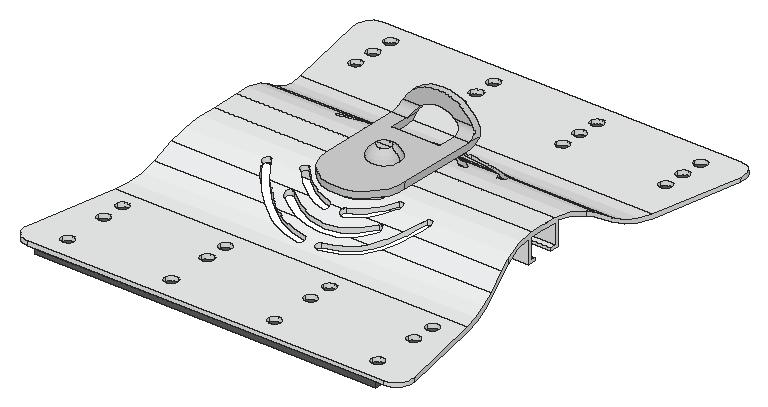
Revit family "AnchorPoint_Kattsafe_Rapid_TopMount", category Specialty Equipment, host Face, Revit 2025
Family settings
  Host = Face
  Round Connector Dimension = Use Diameter
  Part Type = Normal
  OmniClass Number = 23.27.71.21
  Enable Cutting in Views = No
  Cut with Voids When Loaded = No
  Maintain Annotation Orientation = No
  Shared = No
  Room Calculation Point = No
Parameters (values of type "Standard (AP135A)")
  WideVoidDepth = if(WideDeckMount, 32 mm, 1 mm)  # 1 mm
  WideDeckMount = no
  Uniclass2015Version = "Products v1.23"
  Uniclass2015Title = "Safety access anchor devices"
  Uniclass2015Code = "Pr_40_70_75_75"
  URL = "https://kattsafe.com.au/"
  Type IFC Predefined Type = "USERDEFINED"
  Type Comments = "Top Mount Anchor"
  StandardVoidDepth = if(StandardMount, 32 mm, 1 mm)  # 32 mm
  StandardMount = not(WideDeckMount)  # yes
  SafetyDisclaimer [instance] = "WARNING! The correct placement of access, fall protection and facade maintenance systems is critical to ensure it is fit-for-purpose and safe for the operator to use. Did you know Kattsafe® have a dedicated team of Height Safety System Design Specialists? Kattsafe® provide one-on-one consultation and system design assistance to ensure you are meeting the stringent requirements of height safety and to give you PEACE OF MIND with your project."  # constant formula
  ModifiedIssue = 20240430
  Model = "AP135A"
  Material = Aluminum_Kattsafe_Satin
  ManufacturerURLProductSpecific = "https://kattsafe.com.au/products/anchor-points/metal-deck-mount/Rapid-top-mount-anchor-ap135"
  ManufacturerSpecCode = Model  # "AP135A"
  ManufacturerOverallWidth = if(WideDeckMount, 432 mm, 250 mm)  # 250 mm
  ManufacturerOverallHeight = 48 mm  # constant formula
  ManufacturerOverallDepth = 288 mm  # constant formula
  ManufacturerHeightFromFFL [instance] = 0 mm
  Manufacturer = "Kattsafe®"  # constant formula
  IfcExportType = "USERDEFINED"
  IfcExportAs = "IfcBuildingElementProxy"
  Export Type to IFC As = "IfcBuildingElementProxy"
  ElementType = "Fall Protection"
  Description = "Our Kattsafe anchor points are specifically designed, manufactured, and tested to comply with and often exceed Australian Standards, effectively handling excessive loads and saving lives when using a harness and lanyard system."  # constant formula
  Default Elevation = 0 mm  # constant formula
  CreatedByURL = "https://igsgroup.com.au"
  CreatedBy = "IGS BIM Solutions"  # constant formula
  Assembly Code = "E1090100"
Types (2, lengths in mm): name | WideVoidDepth | WideDeckMount | Type Comments | StandardVoidDepth | StandardMount | Model | ManufacturerSpecCode | ManufacturerOverallWidth
  Standard (AP135A) | 1 | no | "Top Mount Anchor" | 32 | yes | "AP135A" | "AP135A" | 250
  Wide Deck (AP135W) | 32 | yes | "Top Mount Anchor - Wide Deck" | 1 | no | "AP135W" | "AP135W" | 432
Reference planes
  plane 1 "Center (Front/Back)": y = 8
  plane 2 "Ref. Level": z = 0
  plane 3 "Center (Left/Right)": x = 0
  plane 4 "Front": y = -136
  plane 5 "Back": y = 152
  plane 6 "Right": x = 125
  plane 7 "Left": x = -125
  plane 8 "Top": z = 51
  plane 9 "Mount Bottom": z = 3
  plane 10 "Mount_Top": z = 28
  plane 11 "FixingTop": z = 32
  plane 12 "Bottom": z = 0
  plane 13 "TapeLeftOffset": x = -110
  plane 14 "TapeRightOffset": x = 110
  plane 15 "BackTapeBottom": y = 87
  plane 16 "FrontTapeBack": y = -71
  plane 17 "StandardVoidBtm": z = 0
  plane 18 "WideVoidBtm": z = 31
Forms (mm)
  Extrusion 1, void
    sketch origin (0, 152, 55) x (1, 0, 0) y (0, -1, 0)
      loop
        arc (-114.825, 0) -> (-122.688, 3.762) -> (-124.808, 12.217) r 10.244
        line (-124.808, 12.217) -> (-105.236, 111.929)
        arc (-105.236, 111.929) -> (-102.118, 144) -> (-105.236, 176.071) r 166.503
        line (-105.236, 176.071) -> (-124.808, 275.783)
        arc (-124.808, 275.783) -> (-122.681, 284.247) -> (-114.802, 288) r 10.244
        line (-114.802, 288) -> (-130, 288) -> (-130, 0) -> (-114.825, 0)
      loop
        line (114.825, 0) -> (130, 0) -> (130, 288) -> (114.802, 288)
        arc (114.802, 288) -> (122.681, 284.247) -> (124.808, 275.783) r 10.244
        line (124.808, 275.783) -> (105.236, 176.071)
        arc (105.236, 176.071) -> (102.118, 144) -> (105.236, 111.929) r 166.503
        line (105.236, 111.929) -> (124.808, 12.217)
        arc (124.808, 12.217) -> (122.688, 3.762) -> (114.825, 0) r 10.244
    from 27 to 52
  Revolve 2, solid, material "Steel_Stainless_Kattsafe_Satin"
    sketch origin (0, 8, 0) x (1, 0, 0) y (0, 0, 1)
      loop
        line (-10, 32) -> (0, 32) -> (0, 38.5) -> (-4.546, 38.5)
        arc (-4.546, 38.5) -> (-7.902, 35.778) -> (-10, 32) r 11.375
      axis (0, 32) -> (0, 38.5)
    angle from 0 to 360
  Extrusion 3, solid, material "Aluminum_Kattsafe_Satin" <- "Material"
    sketch origin (0, 0, 0) x (0, 1, 0) y (0, 0, 1)
      loop
        line (82.371, 3) -> (152, 3) -> (152, 5.5) -> (82.371, 5.5)
        arc (82.371, 5.5) -> (69.303, 7.337) -> (57.248, 12.704) r 47.41
        line (57.248, 12.704) -> (46.03, 19.713)
        arc (46.03, 19.713) -> (32.163, 25.887) -> (17.132, 28) r 54.534
        line (17.132, 28) -> (-1.132, 28)
        arc (-1.132, 28) -> (-16.163, 25.887) -> (-30.03, 19.713) r 54.534
        line (-30.03, 19.713) -> (-41.248, 12.704)
        arc (-41.248, 12.704) -> (-53.303, 7.337) -> (-66.371, 5.5) r 47.41
        line (-66.371, 5.5) -> (-136, 5.5) -> (-136, 3) -> (-66.371, 3)
        arc (-66.371, 3) -> (-52.614, 4.933) -> (-39.923, 10.584) r 49.91
        line (-39.923, 10.584) -> (-28.706, 17.593)
        arc (-28.706, 17.593) -> (-16.848, 23.07) -> (-4, 25.421) r 52.034
        line (-4, 25.421) -> (-4, 10) -> (1.5, 10) -> (1.5, 12) -> (-2, 12) -> (-2, 25) -> (18, 25) -> (18, 12) -> (14.5, 12) -> (14.5, 10) -> (20, 10) -> (20, 25.421)
        arc (20, 25.421) -> (32.848, 23.07) -> (44.706, 17.593) r 52.034
        line (44.706, 17.593) -> (55.923, 10.584)
        arc (55.923, 10.584) -> (68.614, 4.933) -> (82.371, 3) r 49.91
    from -125 to 125
  Extrusion 4, solid, material "Steel_Stainless_Kattsafe_Satin"
    sketch origin (0, 0, 0) x (0, 1, 0) y (0, 0, 1)
      loop
        line (-32, 28) -> (45.5, 28)
        arc (45.5, 28) -> (52.571, 30.929) -> (55.5, 38) r 10
        line (55.5, 38) -> (55.5, 51) -> (51.5, 51) -> (51.5, 38)
        arc (51.5, 38) -> (49.743, 33.757) -> (45.5, 32) r 6
        line (45.5, 32) -> (-32, 32) -> (-32, 28)
    from -25 to 25
  Extrusion 5, void
    sketch origin (0, 0, 51) x (-1, 0, 0) y (0, -1, 0)
      loop
        line (25, 7) -> (30, 7) -> (30, 37) -> (-30, 37) -> (-30, 7) -> (-25, 7)
        arc (-25, 7) -> (0, 32) -> (25, 7) r 25
    from -23 to -19
  Extrusion 6, void
    sketch origin (0, 8, 0) x (-1, 0, 0) y (0, 0, 1)
      loop
        line (25, 32) -> (30, 32) -> (30, 56) -> (-30, 56) -> (-30, 32) -> (-25, 32)
        arc (-25, 32) -> (0, 51) -> (25, 32) r 25.947
    from 37.991 to 47.5
  Extrusion 7, void
    sketch origin (0, 0, 51) x (-1, 0, 0) y (0, -1, 0)
      loop
        arc (-54.135, -39.196) -> (-33.827, -60.54) -> (-5.998, -70.209) r 62.5
        arc (-5.998, -70.209) -> (-3.503, -67.939) -> (-5.516, -65.233) r 2.512
        arc (-5.516, -65.233) -> (-31.384, -56.165) -> (-50.115, -36.152) r 57.5
        arc (-50.115, -36.152) -> (-53.467, -35.901) -> (-54.135, -39.196) r 2.542
      loop
        arc (-30.168, -50.951) -> (-0.011, -60.5) -> (30.158, -50.989) r 52.5
        arc (30.158, -50.989) -> (30.746, -47.681) -> (27.453, -47.057) r 2.38
        arc (27.453, -47.057) -> (0.011, -55.786) -> (-27.431, -47.057) r 47.5
        arc (-27.431, -47.057) -> (-30.71, -47.661) -> (-30.168, -50.951) r 2.38
      loop
        arc (-28.836, -32.246) -> (-31.926, -32.288) -> (-32.535, -35.318) r 2.459
        arc (-32.535, -35.318) -> (-20.822, -45.037) -> (-6.437, -50.006) r 42.5
        arc (-6.437, -50.006) -> (-3.527, -48.316) -> (-5.236, -45.417) r 2.372
        arc (-5.236, -45.417) -> (-18.264, -41.032) -> (-28.836, -32.246) r 37.5
      loop
        arc (-16.528, -29.962) -> (-20.002, -30.711) -> (-19.233, -34.182) r 2.506
        arc (-19.233, -34.182) -> (0.107, -40.5) -> (19.41, -34.075) r 32.5
        arc (19.41, -34.075) -> (20.01, -30.689) -> (16.666, -29.892) r 2.506
        arc (16.666, -29.892) -> (0.081, -35.5) -> (-16.528, -29.962) r 27.5
      loop
        arc (54.158, -39.196) -> (53.49, -35.901) -> (50.137, -36.152) r 2.542
        arc (50.137, -36.152) -> (31.407, -56.165) -> (5.538, -65.233) r 57.5
        arc (5.538, -65.233) -> (3.525, -67.939) -> (6.02, -70.209) r 2.512
        arc (6.02, -70.209) -> (33.85, -60.54) -> (54.158, -39.196) r 62.5
      loop
        arc (28.858, -32.246) -> (18.286, -41.032) -> (5.259, -45.417) r 37.5
        arc (5.259, -45.417) -> (3.549, -48.316) -> (6.459, -50.006) r 2.372
        arc (6.459, -50.006) -> (20.844, -45.037) -> (32.557, -35.318) r 42.5
        arc (32.557, -35.318) -> (31.949, -32.288) -> (28.858, -32.246) r 2.459
      loop
        arc (-54.135, 23.196) -> (-53.467, 19.901) -> (-50.115, 20.152) r 2.542
        arc (-50.115, 20.152) -> (-31.384, 40.165) -> (-5.516, 49.233) r 57.5
        arc (-5.516, 49.233) -> (-3.503, 51.939) -> (-5.998, 54.209) r 2.512
        arc (-5.998, 54.209) -> (-33.827, 44.54) -> (-54.135, 23.196) r 62.5
      loop
        arc (-30.168, 34.951) -> (-30.71, 31.661) -> (-27.431, 31.057) r 2.38
        arc (-27.431, 31.057) -> (0.011, 39.786) -> (27.453, 31.057) r 47.5
        arc (27.453, 31.057) -> (30.746, 31.681) -> (30.158, 34.989) r 2.38
        arc (30.158, 34.989) -> (-0.011, 44.5) -> (-30.168, 34.951) r 52.5
      loop
        arc (-28.836, 16.246) -> (-18.264, 25.032) -> (-5.236, 29.417) r 37.5
        arc (-5.236, 29.417) -> (-3.527, 32.316) -> (-6.437, 34.006) r 2.372
        arc (-6.437, 34.006) -> (-20.822, 29.037) -> (-32.535, 19.318) r 42.5
        arc (-32.535, 19.318) -> (-31.926, 16.288) -> (-28.836, 16.246) r 2.459
      loop
        arc (-16.528, 13.962) -> (0.081, 19.5) -> (16.666, 13.892) r 27.5
        arc (16.666, 13.892) -> (20.01, 14.689) -> (19.41, 18.075) r 2.506
        arc (19.41, 18.075) -> (0.107, 24.5) -> (-19.233, 18.182) r 32.5
        arc (-19.233, 18.182) -> (-20.002, 14.711) -> (-16.528, 13.962) r 2.506
      loop
        arc (54.158, 23.196) -> (33.85, 44.54) -> (6.02, 54.209) r 62.5
        arc (6.02, 54.209) -> (3.525, 51.939) -> (5.538, 49.233) r 2.512
        arc (5.538, 49.233) -> (31.407, 40.165) -> (50.137, 20.152) r 57.5
        arc (50.137, 20.152) -> (53.49, 19.901) -> (54.158, 23.196) r 2.542
      loop
        arc (28.858, 16.246) -> (31.949, 16.288) -> (32.557, 19.318) r 2.459
        arc (32.557, 19.318) -> (20.844, 29.037) -> (6.459, 34.006) r 42.5
        arc (6.459, 34.006) -> (3.549, 32.316) -> (5.259, 29.417) r 2.372
        arc (5.259, 29.417) -> (18.286, 25.032) -> (28.858, 16.246) r 37.5
    from -48 to -23
  Extrusion 8, solid, material "Rubber_Kattsafe_Black", visible <- "WideDeckMount"
    sketch origin (0, 0, 51) x (-1, 0, 0) y (0, -1, 0)
      loop
        line (110, -152) -> (110, -87) -> (35, -87) -> (35, -152) -> (110, -152)
      loop
        line (-50, -152) -> (-50, -87) -> (-110, -87) -> (-110, -152) -> (-50, -152)
      loop
        line (-50, 71) -> (-50, 136) -> (-110, 136) -> (-110, 71) -> (-50, 71)
      loop
        line (110, 71) -> (110, 136) -> (35, 136) -> (35, 71) -> (110, 71)
    from -51 to -48
  Extrusion 9, solid, material "Rubber_Kattsafe_Black", visible <- "StandardMount"
    sketch origin (0, 0, 51) x (-1, 0, 0) y (0, -1, 0)
      loop
        line (110, -152) -> (110, -87) -> (-110, -87) -> (-110, -152) -> (110, -152)
      loop
        line (110, 71) -> (110, 136) -> (-110, 136) -> (-110, 71) -> (110, 71)
    from -51 to -48
  Extrusion 10, void
    sketch origin (0, 8, 0) x (1, 0, 0) y (0, 0, 1)
      loop
        arc (15.458, 32) -> (0, 42) -> (-15.458, 32) r 16.947
        line (-15.458, 32) -> (-15.458, 28) -> (15.458, 28) -> (15.458, 32)
    from -47.5 to -25.515
  Extrusion 11, void
    sketch origin (0, 0, 51) x (-1, 0, 0) y (0, -1, 0)
      loop
        circle (99.968, 78) r 4.1
      loop
        circle (99.968, 93) r 4.1
      loop
        circle (99.968, 122) r 4.1
      loop
        circle (33.419, 78) r 4.1
      loop
        circle (33.419, 93) r 4.1
      loop
        circle (33.419, 122) r 4.1
      loop
        circle (99.968, -124) r 4.1
      loop
        circle (99.968, -109.937) r 4.1
      loop
        circle (99.968, -138) r 4.1
      loop
        circle (33.419, -124) r 4.1
      loop
        circle (33.419, -109.937) r 4.1
      loop
        circle (33.419, -138) r 4.1
      loop
        circle (-100.033, 78) r 4.1
      loop
        circle (-100.033, 93) r 4.1
      loop
        circle (-100.033, 122) r 4.1
      loop
        circle (-33.483, 78) r 4.1
      loop
        circle (-33.483, 93) r 4.1
      loop
        circle (-33.483, 122) r 4.1
      loop
        circle (-100.033, -124) r 4.1
      loop
        circle (-100.033, -109.937) r 4.1
      loop
        circle (-100.033, -138) r 4.1
      loop
        circle (-33.483, -124) r 4.1
      loop
        circle (-33.483, -109.937) r 4.1
      loop
        circle (-33.483, -138) r 4.1
    from -51 to -19
  Extrusion 12, void
    sketch origin (0, 0, 51) x (-1, 0, 0) y (0, -1, 0)
      loop
        circle (94.925, 117.978) r 4.1
      loop
        circle (65.925, 117.978) r 4.1
      loop
        circle (50.925, 117.978) r 4.1
      loop
        circle (94.925, 87.978) r 4.1
      loop
        circle (65.925, 87.978) r 4.1
      loop
        circle (50.925, 87.978) r 4.1
      loop
        circle (94.925, -133.978) r 4.1
      loop
        circle (65.925, -133.978) r 4.1
      loop
        circle (50.925, -133.978) r 4.1
      loop
        circle (94.925, -103.978) r 4.1
      loop
        circle (65.925, -103.978) r 4.1
      loop
        circle (50.925, -103.978) r 4.1
      loop
        circle (-94.99, 117.978) r 4.1
      loop
        circle (-80.99, 117.978) r 4.1
      loop
        circle (-66.978, 117.978) r 4.1
      loop
        circle (-94.99, 87.978) r 4.1
      loop
        circle (-80.99, 87.978) r 4.1
      loop
        circle (-66.978, 87.978) r 4.1
      loop
        circle (-94.99, -133.978) r 4.1
      loop
        circle (-80.99, -133.978) r 4.1
      loop
        circle (-66.978, -133.978) r 4.1
      loop
        circle (-94.99, -103.978) r 4.1
      loop
        circle (-80.99, -103.978) r 4.1
      loop
        circle (-66.978, -103.978) r 4.1
    from -20 to -19
Cuts and joins
  Extrusion 1, Extrusion 7, Extrusion 11, Extrusion 12 cuts Extrusion 3
  Extrusion 5, Extrusion 6, Extrusion 10 cuts Extrusion 4
  Extrusion 11, Extrusion 12 cuts Extrusion 9
  Extrusion 11, Extrusion 12 cuts Extrusion 8
Lines and regions (mm)
  Masking region 1
    outline origin (0, 0, 51) x (-1, 0, 0) y (0, -1, 0)
      loop
        arc (114.687, -152) -> (122.645, -148.292) -> (124.808, -139.783) r 10.244
        line (124.808, -139.783) -> (105.236, -40.071)
        arc (105.236, -40.071) -> (102.118, -8) -> (105.236, 24.071) r 166.503
        line (105.236, 24.071) -> (124.808, 123.783)
        arc (124.808, 123.783) -> (122.681, 132.247) -> (114.802, 136) r 10.244
        line (114.802, 136) -> (-114.71, 136)
        arc (-114.71, 136) -> (-122.652, 132.283) -> (-124.808, 123.783) r 10.244
        line (-124.808, 123.783) -> (-105.236, 24.071)
        arc (-105.236, 24.071) -> (-102.118, -8) -> (-105.236, -40.071) r 166.503
        line (-105.236, -40.071) -> (-124.808, -139.783)
        arc (-124.808, -139.783) -> (-122.688, -148.238) -> (-114.825, -152) r 10.244
        line (-114.825, -152) -> (114.687, -152)
  symbolic lines, style "Fall Arrest Systems", visible <- "WideDeckMount", detail levels medium+fine
    curve 1: circle (-94.925, -87.978, 51) r 4.1 normal (0, 0, 1)
    curve 2: circle (-94.925, -117.978, 51) r 4.1 normal (0, 0, 1)
    curve 3: circle (-65.925, -87.978, 51) r 4.1 normal (0, 0, 1)
    curve 4: circle (-65.925, -117.978, 51) r 4.1 normal (0, 0, 1)
    curve 5: circle (-50.925, -117.978, 51) r 4.1 normal (0, 0, 1)
    curve 6: circle (-50.925, -87.978, 51) r 4.1 normal (0, 0, 1)
    curve 7: circle (66.978, -87.978, 51) r 4.1 normal (0, 0, 1)
    curve 8: circle (80.99, -87.978, 51) r 4.1 normal (0, 0, 1)
    curve 9: circle (94.99, -87.978, 51) r 4.1 normal (0, 0, 1)
    curve 10: circle (94.99, -117.978, 51) r 4.1 normal (0, 0, 1)
    curve 11: circle (80.99, -117.978, 51) r 4.1 normal (0, 0, 1)
    curve 12: circle (66.978, -117.978, 51) r 4.1 normal (0, 0, 1)
    curve 13: circle (-94.925, 103.978, 51) r 4.1 normal (0, 0, 1)
    curve 14: circle (-94.925, 133.978, 51) r 4.1 normal (0, 0, 1)
    curve 15: circle (-65.925, 133.978, 51) r 4.1 normal (0, 0, 1)
    curve 16: circle (-65.925, 103.978, 51) r 4.1 normal (0, 0, 1)
    curve 17: circle (-50.925, 133.978, 51) r 4.1 normal (0, 0, 1)
    curve 18: circle (-50.925, 103.978, 51) r 4.1 normal (0, 0, 1)
    curve 19: circle (66.978, 133.978, 51) r 4.1 normal (0, 0, 1)
    curve 20: circle (80.99, 133.978, 51) r 4.1 normal (0, 0, 1)
    curve 21: circle (94.99, 133.978, 51) r 4.1 normal (0, 0, 1)
    curve 22: circle (94.99, 103.978, 51) r 4.1 normal (0, 0, 1)
    curve 23: circle (80.99, 103.978, 51) r 4.1 normal (0, 0, 1)
    curve 24: arc (62.904, 103.512, 51) -> (71.071, 104.211, 51) -> (62.878, 103.978, 51) r 4.1
  symbolic lines, style "Fall Arrest Systems", visible <- "StandardMount", detail levels medium+fine
    curve 25: circle (-99.968, 138, 51) r 4.1 normal (0, 0, 1)
    curve 26: circle (-99.968, 124, 51) r 4.1 normal (0, 0, 1)
    curve 27: circle (-99.968, 109.937, 51) r 4.1 normal (0, 0, 1)
    curve 28: circle (-33.419, 138, 51) r 4.1 normal (0, 0, 1)
    curve 29: circle (-33.419, 124, 51) r 4.1 normal (0, 0, 1)
    curve 30: circle (-33.419, 109.937, 51) r 4.1 normal (0, 0, 1)
    curve 31: circle (33.483, 138, 51) r 4.1 normal (0, 0, 1)
    curve 32: circle (33.483, 124, 51) r 4.1 normal (0, 0, 1)
    curve 33: circle (33.483, 109.937, 51) r 4.1 normal (0, 0, 1)
    curve 34: circle (100.033, 138, 51) r 4.1 normal (0, 0, 1)
    curve 35: circle (100.033, 124, 51) r 4.1 normal (0, 0, 1)
    curve 36: circle (100.033, 109.937, 51) r 4.1 normal (0, 0, 1)
    curve 37: circle (100.033, -78, 51) r 4.1 normal (0, 0, 1)
    curve 38: circle (100.033, -93, 51) r 4.1 normal (0, 0, 1)
    curve 39: circle (100.033, -122, 51) r 4.1 normal (0, 0, 1)
    curve 40: circle (33.483, -122, 51) r 4.1 normal (0, 0, 1)
    curve 41: circle (33.483, -93, 51) r 4.1 normal (0, 0, 1)
    curve 42: circle (33.483, -78, 51) r 4.1 normal (0, 0, 1)
    curve 43: circle (-33.419, -78, 51) r 4.1 normal (0, 0, 1)
    curve 44: circle (-33.419, -93, 51) r 4.1 normal (0, 0, 1)
    curve 45: circle (-33.419, -122, 51) r 4.1 normal (0, 0, 1)
    curve 46: circle (-99.968, -122, 51) r 4.1 normal (0, 0, 1)
    curve 47: circle (-99.968, -93, 51) r 4.1 normal (0, 0, 1)
    curve 48: circle (-99.968, -78, 51) r 4.1 normal (0, 0, 1)
  symbolic lines, style "Fall Arrest Systems", detail levels medium+fine
    curve 49: line (-25, -7, 51) -> (-25, 53.504, 51)
    curve 50: line (25, 53.504, 51) -> (25, -7, 51)
    curve 51: line (-22.536, 55.5, 51) -> (22.55, 55.5, 51)
    curve 52: arc (25, -7, 51) -> (0, -32, 51) -> (-25, -7, 51) r 25
    curve 53: spline (-25, 53.504, 51) -> (-24.867, 53.82, 51) -> (-24.719, 54.111, 51) -> (-24.556, 54.377, 51) -> (-24.38, 54.616, 51) -> (-24.19, 54.827, 51) -> (-23.987, 55.011, 51) -> (-23.772, 55.166, 51) -> (-23.545, 55.292, 51) -> (-23.307, 55.389, 51) -> (-23.059, 55.456, 51) -> (-22.802, 55.493, 51) -> (-22.536, 55.5, 51)
    curve 54: spline (22.354, 55.493, 51) -> (22.657, 55.497, 51) -> (22.947, 55.47, 51) -> (23.225, 55.41, 51) -> (23.488, 55.319, 51) -> (23.737, 55.196, 51) -> (23.97, 55.042, 51) -> (24.187, 54.858, 51) -> (24.386, 54.644, 51) -> (24.568, 54.4, 51) -> (24.731, 54.129, 51) -> (24.875, 53.83, 51) -> (25, 53.504, 51)
    curve 55: circle (0, 8, 51) r 10 normal (0, 0, -1)
    curve 56: circle (0, 8, 51) r 4.546 normal (0, 0, 1)
  symbolic lines, style "Fall Arrest Systems", detail levels fine
    curve 57: arc (-6.02, 70.209, 51) -> (-33.85, 60.54, 51) -> (-54.158, 39.196, 51) r 62.5
    curve 58: arc (54.135, 39.196, 51) -> (33.827, 60.54, 51) -> (5.998, 70.209, 51) r 62.5
    curve 59: arc (5.516, 65.233, 51) -> (31.384, 56.165, 51) -> (50.115, 36.152, 51) r 57.5
    curve 60: arc (5.998, 70.209, 51) -> (3.503, 67.939, 51) -> (5.516, 65.233, 51) r 2.512
    curve 61: arc (50.115, 36.152, 51) -> (53.467, 35.901, 51) -> (54.135, 39.196, 51) r 2.542
    curve 62: arc (-5.538, 65.233, 51) -> (-3.525, 67.939, 51) -> (-6.02, 70.209, 51) r 2.512
    curve 63: arc (-54.158, 39.196, 51) -> (-53.49, 35.901, 51) -> (-50.137, 36.152, 51) r 2.542
    curve 64: arc (-50.137, 36.152, 51) -> (-31.407, 56.165, 51) -> (-5.538, 65.233, 51) r 57.5
    curve 65: arc (-5.538, -49.233, 51) -> (-31.407, -40.165, 51) -> (-50.137, -20.152, 51) r 57.5
    curve 66: arc (-54.158, -23.196, 51) -> (-33.85, -44.54, 51) -> (-6.02, -54.209, 51) r 62.5
    curve 67: arc (-50.137, -20.152, 51) -> (-53.49, -19.901, 51) -> (-54.158, -23.196, 51) r 2.542
    curve 68: arc (-6.02, -54.209, 51) -> (-3.525, -51.939, 51) -> (-5.538, -49.233, 51) r 2.512
    curve 69: arc (5.516, -49.233, 51) -> (3.503, -51.939, 51) -> (5.998, -54.209, 51) r 2.512
    curve 70: arc (50.115, -20.152, 51) -> (31.384, -40.165, 51) -> (5.516, -49.233, 51) r 57.5
    curve 71: arc (5.998, -54.209, 51) -> (33.827, -44.54, 51) -> (54.135, -23.196, 51) r 62.5
    curve 72: arc (54.135, -23.196, 51) -> (53.467, -19.901, 51) -> (50.115, -20.152, 51) r 2.542
    curve 73: arc (-30.158, -34.989, 51) -> (0.011, -44.5, 51) -> (30.168, -34.951, 51) r 52.5
    curve 74: arc (27.431, -31.057, 51) -> (-0.011, -39.786, 51) -> (-27.453, -31.057, 51) r 47.5
    curve 75: arc (30.168, -34.951, 51) -> (30.71, -31.661, 51) -> (27.431, -31.057, 51) r 2.38
    curve 76: arc (-27.453, -31.057, 51) -> (-30.746, -31.681, 51) -> (-30.151, -34.979, 51) r 2.38
    curve 77: arc (-16.008, -26.203, 51) -> (-22.979, -21.929, 51) -> (-28.858, -16.246, 51) r 37.5
    curve 78: arc (-28.858, -16.246, 51) -> (-31.949, -16.288, 51) -> (-32.557, -19.318, 51) r 2.459
    curve 79: arc (-32.557, -19.318, 51) -> (-20.844, -29.037, 51) -> (-6.459, -34.006, 51) r 42.5
    curve 80: arc (-6.459, -34.006, 51) -> (-4.417, -33.61, 51) -> (-3.472, -31.758, 51) r 2.372
    curve 81: arc (3.45, -31.761, 51) -> (4.396, -33.611, 51) -> (6.437, -34.006, 51) r 2.372
    curve 82: arc (6.437, -34.006, 51) -> (20.822, -29.037, 51) -> (32.535, -19.318, 51) r 42.5
    curve 83: arc (28.836, -16.246, 51) -> (22.979, -21.912, 51) -> (16.037, -26.179, 51) r 37.5
    curve 84: arc (32.535, -19.318, 51) -> (31.926, -16.288, 51) -> (28.836, -16.246, 51) r 2.459
    curve 85: arc (27.431, 47.057, 51) -> (30.71, 47.661, 51) -> (30.168, 50.951, 51) r 2.38
    curve 86: arc (30.168, 50.951, 51) -> (27.429, 52.751, 51) -> (24.584, 54.377, 51) r 52.5
    curve 87: arc (-27.453, 47.057, 51) -> (-26.239, 47.888, 51) -> (-25, 48.682, 51) r 47.5
    curve 88: arc (-30.151, 50.979, 51) -> (-30.746, 47.681, 51) -> (-27.453, 47.057, 51) r 2.38
    curve 89: arc (-6.459, 50.006, 51) -> (-10.928, 49.071, 51) -> (-15.27, 47.662, 51) r 42.5
    curve 90: arc (-5.259, 45.417, 51) -> (-3.549, 48.316, 51) -> (-6.459, 50.006, 51) r 2.372
    curve 91: arc (-28.858, 32.246, 51) -> (-27.003, 34.318, 51) -> (-25, 36.247, 51) r 37.5
    curve 92: arc (-32.557, 35.318, 51) -> (-31.949, 32.288, 51) -> (-28.858, 32.246, 51) r 2.459
    curve 93: arc (15.458, 36.576, 51) -> (0.003, 40.5, 51) -> (-15.458, 36.601, 51) r 32.5
    curve 94: arc (-10.28, 33.515, 51) -> (-0.022, 35.5, 51) -> (10.235, 33.515, 51) r 27.5
    curve 95: arc (5.236, 45.417, 51) -> (10.453, 44.296, 51) -> (15.458, 42.447, 51) r 37.5
    curve 96: arc (32.535, 35.318, 51) -> (28.981, 39.065, 51) -> (25, 42.353, 51) r 42.5
    curve 97: arc (6.437, 50.006, 51) -> (3.527, 48.316, 51) -> (5.236, 45.417, 51) r 2.372
    curve 98: arc (28.836, 32.246, 51) -> (31.926, 32.288, 51) -> (32.535, 35.318, 51) r 2.459
    curve 99: line (-22.486, 51.5, 51) -> (-25, 45.991, 51)
    curve 100: line (22.486, 51.5, 51) -> (-22.486, 51.5, 51)
    curve 101: line (25, 45.991, 51) -> (22.486, 51.5, 51)
    curve 102: line (-15.458, 45.5, 51) -> (-10.935, 51.5, 51)
    curve 103: line (-15.458, 33.515, 51) -> (-15.458, 45.5, 51)
    curve 104: line (15.458, 33.515, 51) -> (-15.458, 33.515, 51)
    curve 105: line (15.458, 45.5, 51) -> (15.458, 33.515, 51)
    curve 106: line (10.935, 51.5, 51) -> (15.458, 45.5, 51)
    curve 107: arc (-24.538, 54.424, 51) -> (-27.402, 52.795, 51) -> (-30.158, 50.989, 51) r 52.5
    curve 108: arc (-5.216, 55.5, 51) -> (-0.011, 55.786, 51) -> (5.194, 55.5, 51) r 47.5
    curve 109: arc (22.354, 55.493, 51) -> (-0.013, 60.5, 51) -> (-22.383, 55.5, 51) r 52.5
    curve 110: arc (25, 48.668, 51) -> (26.228, 47.881, 51) -> (27.431, 47.057, 51) r 47.5
    curve 111: arc (-25, 42.369, 51) -> (-28.994, 39.074, 51) -> (-32.557, 35.318, 51) r 42.5
    curve 112: arc (-15.458, 42.457, 51) -> (-10.464, 44.3, 51) -> (-5.259, 45.417, 51) r 37.5
    curve 113: arc (15.272, 47.653, 51) -> (10.918, 49.068, 51) -> (6.437, 50.006, 51) r 42.5
    curve 114: arc (25, 36.227, 51) -> (26.991, 34.307, 51) -> (28.836, 32.246, 51) r 37.5
Text (mm)
  text "Disclaimer:\nDue to ongoing product development and manufacturing \nevolution, product details are subject to change without \nnotice. Please refer to product technical data sheets on \nthe manufacturers website for the most current product \ninformation. Please allow a +/- 5mm manufacturing \ntolerance for dimensions and set-outs shown in product \nliterature." at (360.06, 82.963, 0), in view "Ref. Level"
Dimensions and locks
  "ManufacturerOverallWidth": plane 7 "Left" to plane 6 "Right"
  "ManufacturerOverallDepth": plane 5 "Back" to plane 4 "Front"
  equal spacing: plane 7 "Left", plane 3 "Center (Left/Right)", plane 6 "Right"
  equal spacing: plane 4 "Front", plane 1 "Center (Front/Back)", plane 5 "Back"
  "ManufacturerHeightFromFFL": plane 12 "Bottom" to level
  "ManufacturerOverallHeight": plane 9 "Mount Bottom" to plane 8 "Top"
  locked: plane 10 "Mount_Top" to plane 9 "Mount Bottom" at 25
  locked: Extrusion 1 sketch curve to plane 7 "Left" at 5
  locked: plane 7 "Left" to Extrusion 1 sketch curve at 22.882
  locked: plane 6 "Right" to Extrusion 1 sketch curve at 5
  locked: Extrusion 1 sketch curve to plane 6 "Right" at 22.882
  locked: plane 11 "FixingTop" to plane 10 "Mount_Top" at 4
  locked: plane 9 "Mount Bottom" to plane 12 "Bottom" at 3
  locked: plane 7 "Left" to plane 13 "TapeLeftOffset" at 15
  locked: plane 14 "TapeRightOffset" to plane 6 "Right" at 15
  locked: plane 15 "BackTapeBottom" to plane 5 "Back" at 65
  locked: plane 16 "FrontTapeBack" to plane 4 "Front" at 65
  locked: plane 13 "TapeLeftOffset" to Extrusion 8 sketch curve at 75
  locked: Extrusion 8 sketch curve to plane 14 "TapeRightOffset" at 60
  "StandardVoidDepth": plane 11 "FixingTop" to plane 17 "StandardVoidBtm"
  "WideVoidDepth": plane 11 "FixingTop" to plane 18 "WideVoidBtm"
  radius of Extrusion 4 sketch curve = 6 mm
  radius of Extrusion 4 sketch curve = 10 mm
  aligned and locked: host face to plane 2 "Ref. Level"
  aligned and locked: level to host face
  aligned and locked: plane 4 "Front" to Extrusion 1 sketch curve
  aligned and locked: Extrusion 1 sketch curve to plane 5 "Back"
  aligned and locked: Extrusion 1 to plane 10 "Mount_Top"
  aligned and locked: Extrusion 1 to plane 9 "Mount Bottom"
  aligned and locked: Masking region 1 sketch curve to cut or joined group of Extrusion 1, Extrusion 3, Extrusion 7, Extrusion 11, Extrusion 12  (x6)
  aligned and locked: plane 10 "Mount_Top" to Extrusion 4 sketch curve
  aligned and locked: plane 11 "FixingTop" to Extrusion 4 sketch curve
  aligned and locked: plane 8 "Top" to Extrusion 4 sketch curve
  aligned and locked: plane 10 "Mount_Top" to Extrusion 5
  aligned and locked: Extrusion 5 to plane 11 "FixingTop"
  aligned and locked: plane 11 "FixingTop" to Revolve 2 sketch curve
  aligned and locked: Revolve 2 sketch curve to plane 3 "Center (Left/Right)"  (x2)
  aligned and locked: plane 11 "FixingTop" to Extrusion 6 sketch curve  (x2)
  aligned and locked: Extrusion 6 to cut or joined group of Extrusion 4, Extrusion 5, Extrusion 6, Extrusion 10
  aligned and locked: plane 9 "Mount Bottom" to Extrusion 7
  aligned and locked: Extrusion 7 to plane 10 "Mount_Top"
  aligned and locked: Extrusion 8 to plane 5 "Back"  (x2)
  aligned and locked: plane 15 "BackTapeBottom" to Extrusion 8  (x2)
  aligned and locked: Extrusion 8 to plane 14 "TapeRightOffset"  (x2)
  aligned and locked: Extrusion 8 to plane 13 "TapeLeftOffset"  (x2)
  aligned and locked: Extrusion 8 to plane 4 "Front"  (x2)
  aligned and locked: plane 16 "FrontTapeBack" to Extrusion 8  (x2)
  aligned and locked: Extrusion 8 sketch curve to Extrusion 8 sketch curve  (x2)
  aligned and locked: plane 12 "Bottom" to Extrusion 8
  aligned and locked: Extrusion 8 to plane 9 "Mount Bottom"
  aligned and locked: plane 13 "TapeLeftOffset" to Extrusion 9 sketch curve  (x2)
  aligned and locked: plane 14 "TapeRightOffset" to Extrusion 9 sketch curve  (x2)
  aligned and locked: Extrusion 9 sketch curve to plane 16 "FrontTapeBack"
  aligned and locked: Extrusion 9 sketch curve to plane 15 "BackTapeBottom"
  aligned and locked: plane 5 "Back" to Extrusion 9 sketch curve
  aligned and locked: plane 4 "Front" to Extrusion 9 sketch curve
  aligned and locked: plane 12 "Bottom" to Extrusion 9
  aligned and locked: Extrusion 9 to plane 9 "Mount Bottom"
  aligned and locked: Extrusion 3 to plane 7 "Left"
  aligned and locked: Extrusion 3 to plane 6 "Right"
  aligned and locked: Extrusion 11 to plane 11 "FixingTop"
  aligned and locked: plane 17 "StandardVoidBtm" to Extrusion 11
  aligned and locked: plane 18 "WideVoidBtm" to Extrusion 12
  aligned and locked: Extrusion 12 to plane 11 "FixingTop"
  aligned and locked: curve 1 to cut or joined group of Extrusion 1, Extrusion 3, Extrusion 7, Extrusion 11, Extrusion 12
  aligned and locked: curve 2 to cut or joined group of Extrusion 1, Extrusion 3, Extrusion 7, Extrusion 11, Extrusion 12
  aligned and locked: curve 3 to cut or joined group of Extrusion 1, Extrusion 3, Extrusion 7, Extrusion 11, Extrusion 12
  aligned and locked: curve 4 to cut or joined group of Extrusion 1, Extrusion 3, Extrusion 7, Extrusion 11, Extrusion 12
  aligned and locked: curve 5 to cut or joined group of Extrusion 1, Extrusion 3, Extrusion 7, Extrusion 11, Extrusion 12
  aligned and locked: curve 6 to cut or joined group of Extrusion 1, Extrusion 3, Extrusion 7, Extrusion 11, Extrusion 12
  aligned and locked: curve 7 to cut or joined group of Extrusion 1, Extrusion 3, Extrusion 7, Extrusion 11, Extrusion 12
  aligned and locked: curve 8 to cut or joined group of Extrusion 1, Extrusion 3, Extrusion 7, Extrusion 11, Extrusion 12
  aligned and locked: curve 9 to cut or joined group of Extrusion 1, Extrusion 3, Extrusion 7, Extrusion 11, Extrusion 12
  aligned and locked: curve 10 to cut or joined group of Extrusion 1, Extrusion 3, Extrusion 7, Extrusion 11, Extrusion 12
  aligned and locked: curve 11 to cut or joined group of Extrusion 1, Extrusion 3, Extrusion 7, Extrusion 11, Extrusion 12
  aligned and locked: curve 12 to cut or joined group of Extrusion 1, Extrusion 3, Extrusion 7, Extrusion 11, Extrusion 12
  aligned and locked: curve 13 to cut or joined group of Extrusion 1, Extrusion 3, Extrusion 7, Extrusion 11, Extrusion 12
  aligned and locked: curve 14 to cut or joined group of Extrusion 1, Extrusion 3, Extrusion 7, Extrusion 11, Extrusion 12
  aligned and locked: curve 15 to cut or joined group of Extrusion 1, Extrusion 3, Extrusion 7, Extrusion 11, Extrusion 12
  aligned and locked: curve 16 to cut or joined group of Extrusion 1, Extrusion 3, Extrusion 7, Extrusion 11, Extrusion 12
  aligned and locked: curve 17 to cut or joined group of Extrusion 1, Extrusion 3, Extrusion 7, Extrusion 11, Extrusion 12
  aligned and locked: curve 18 to cut or joined group of Extrusion 1, Extrusion 3, Extrusion 7, Extrusion 11, Extrusion 12
  aligned and locked: curve 19 to cut or joined group of Extrusion 1, Extrusion 3, Extrusion 7, Extrusion 11, Extrusion 12
  aligned and locked: curve 20 to cut or joined group of Extrusion 1, Extrusion 3, Extrusion 7, Extrusion 11, Extrusion 12
  aligned and locked: curve 21 to cut or joined group of Extrusion 1, Extrusion 3, Extrusion 7, Extrusion 11, Extrusion 12
  aligned and locked: curve 22 to cut or joined group of Extrusion 1, Extrusion 3, Extrusion 7, Extrusion 11, Extrusion 12
  aligned and locked: curve 23 to cut or joined group of Extrusion 1, Extrusion 3, Extrusion 7, Extrusion 11, Extrusion 12
  aligned and locked: curve 24 to cut or joined group of Extrusion 1, Extrusion 3, Extrusion 7, Extrusion 11, Extrusion 12
  aligned and locked: curve 25 to Extrusion 11
  aligned and locked: curve 26 to Extrusion 11
  aligned and locked: curve 27 to Extrusion 11
  aligned and locked: curve 28 to Extrusion 11
  aligned and locked: curve 29 to Extrusion 11
  aligned and locked: curve 30 to Extrusion 11
  aligned and locked: curve 31 to Extrusion 11
  aligned and locked: curve 32 to Extrusion 11
  aligned and locked: curve 33 to Extrusion 11
  aligned and locked: curve 34 to Extrusion 11
  aligned and locked: curve 35 to Extrusion 11
  aligned and locked: curve 36 to Extrusion 11
  aligned and locked: curve 37 to Extrusion 11
  aligned and locked: curve 38 to Extrusion 11
  aligned and locked: curve 39 to Extrusion 11
  aligned and locked: curve 40 to Extrusion 11
  aligned and locked: curve 41 to Extrusion 11
  aligned and locked: curve 42 to Extrusion 11
  aligned and locked: curve 43 to Extrusion 11
  aligned and locked: curve 44 to Extrusion 11
  aligned and locked: curve 45 to Extrusion 11
  aligned and locked: curve 46 to Extrusion 11
  aligned and locked: curve 47 to Extrusion 11
  aligned and locked: curve 48 to Extrusion 11
  aligned and locked: curve 51 to cut or joined group of Extrusion 4, Extrusion 5, Extrusion 6, Extrusion 10
  aligned and locked: curve 52 to cut or joined group of Extrusion 4, Extrusion 5, Extrusion 6, Extrusion 10
  aligned and locked: curve 55 to Revolve 2
  aligned and locked: curve 56 to Revolve 2
  aligned and locked: curve 57 to cut or joined group of Extrusion 1, Extrusion 3, Extrusion 7, Extrusion 11, Extrusion 12
  aligned and locked: curve 58 to cut or joined group of Extrusion 1, Extrusion 3, Extrusion 7, Extrusion 11, Extrusion 12
  aligned and locked: curve 59 to cut or joined group of Extrusion 1, Extrusion 3, Extrusion 7, Extrusion 11, Extrusion 12
  aligned and locked: curve 60 to cut or joined group of Extrusion 1, Extrusion 3, Extrusion 7, Extrusion 11, Extrusion 12
  aligned and locked: curve 61 to cut or joined group of Extrusion 1, Extrusion 3, Extrusion 7, Extrusion 11, Extrusion 12
  aligned and locked: curve 62 to cut or joined group of Extrusion 1, Extrusion 3, Extrusion 7, Extrusion 11, Extrusion 12
  aligned and locked: curve 63 to cut or joined group of Extrusion 1, Extrusion 3, Extrusion 7, Extrusion 11, Extrusion 12
  aligned and locked: curve 64 to cut or joined group of Extrusion 1, Extrusion 3, Extrusion 7, Extrusion 11, Extrusion 12
  aligned and locked: curve 65 to cut or joined group of Extrusion 1, Extrusion 3, Extrusion 7, Extrusion 11, Extrusion 12
  aligned and locked: curve 66 to cut or joined group of Extrusion 1, Extrusion 3, Extrusion 7, Extrusion 11, Extrusion 12
  aligned and locked: curve 67 to cut or joined group of Extrusion 1, Extrusion 3, Extrusion 7, Extrusion 11, Extrusion 12
  aligned and locked: curve 68 to cut or joined group of Extrusion 1, Extrusion 3, Extrusion 7, Extrusion 11, Extrusion 12
  aligned and locked: curve 69 to cut or joined group of Extrusion 1, Extrusion 3, Extrusion 7, Extrusion 11, Extrusion 12
  aligned and locked: curve 70 to cut or joined group of Extrusion 1, Extrusion 3, Extrusion 7, Extrusion 11, Extrusion 12
  aligned and locked: curve 71 to cut or joined group of Extrusion 1, Extrusion 3, Extrusion 7, Extrusion 11, Extrusion 12
  aligned and locked: curve 72 to cut or joined group of Extrusion 1, Extrusion 3, Extrusion 7, Extrusion 11, Extrusion 12
  aligned and locked: curve 73 to cut or joined group of Extrusion 1, Extrusion 3, Extrusion 7, Extrusion 11, Extrusion 12
  aligned and locked: curve 74 to cut or joined group of Extrusion 1, Extrusion 3, Extrusion 7, Extrusion 11, Extrusion 12
  aligned and locked: curve 75 to cut or joined group of Extrusion 1, Extrusion 3, Extrusion 7, Extrusion 11, Extrusion 12
  aligned and locked: curve 76 to cut or joined group of Extrusion 1, Extrusion 3, Extrusion 7, Extrusion 11, Extrusion 12
  aligned and locked: curve 77 to cut or joined group of Extrusion 1, Extrusion 3, Extrusion 7, Extrusion 11, Extrusion 12
  aligned and locked: curve 78 to cut or joined group of Extrusion 1, Extrusion 3, Extrusion 7, Extrusion 11, Extrusion 12
  aligned and locked: curve 79 to cut or joined group of Extrusion 1, Extrusion 3, Extrusion 7, Extrusion 11, Extrusion 12
  aligned and locked: curve 80 to cut or joined group of Extrusion 1, Extrusion 3, Extrusion 7, Extrusion 11, Extrusion 12
  aligned and locked: curve 81 to cut or joined group of Extrusion 1, Extrusion 3, Extrusion 7, Extrusion 11, Extrusion 12
  aligned and locked: curve 82 to cut or joined group of Extrusion 1, Extrusion 3, Extrusion 7, Extrusion 11, Extrusion 12
  aligned and locked: curve 83 to cut or joined group of Extrusion 1, Extrusion 3, Extrusion 7, Extrusion 11, Extrusion 12
  aligned and locked: curve 84 to cut or joined group of Extrusion 1, Extrusion 3, Extrusion 7, Extrusion 11, Extrusion 12
  aligned and locked: curve 86 to cut or joined group of Extrusion 1, Extrusion 3, Extrusion 7, Extrusion 11, Extrusion 12
  aligned and locked: curve 87 to cut or joined group of Extrusion 1, Extrusion 3, Extrusion 7, Extrusion 11, Extrusion 12
  aligned and locked: curve 88 to cut or joined group of Extrusion 1, Extrusion 3, Extrusion 7, Extrusion 11, Extrusion 12
  aligned and locked: curve 89 to cut or joined group of Extrusion 1, Extrusion 3, Extrusion 7, Extrusion 11, Extrusion 12
  aligned and locked: curve 90 to cut or joined group of Extrusion 1, Extrusion 3, Extrusion 7, Extrusion 11, Extrusion 12
  aligned and locked: curve 91 to cut or joined group of Extrusion 1, Extrusion 3, Extrusion 7, Extrusion 11, Extrusion 12
  aligned and locked: curve 92 to cut or joined group of Extrusion 1, Extrusion 3, Extrusion 7, Extrusion 11, Extrusion 12
  aligned and locked: curve 93 to cut or joined group of Extrusion 1, Extrusion 3, Extrusion 7, Extrusion 11, Extrusion 12
  aligned and locked: curve 94 to cut or joined group of Extrusion 1, Extrusion 3, Extrusion 7, Extrusion 11, Extrusion 12
  aligned and locked: curve 95 to cut or joined group of Extrusion 1, Extrusion 3, Extrusion 7, Extrusion 11, Extrusion 12
  aligned and locked: curve 96 to cut or joined group of Extrusion 1, Extrusion 3, Extrusion 7, Extrusion 11, Extrusion 12
  aligned and locked: curve 97 to cut or joined group of Extrusion 1, Extrusion 3, Extrusion 7, Extrusion 11, Extrusion 12
  aligned and locked: curve 98 to cut or joined group of Extrusion 1, Extrusion 3, Extrusion 7, Extrusion 11, Extrusion 12
  aligned and locked: curve 100 to cut or joined group of Extrusion 4, Extrusion 5, Extrusion 6, Extrusion 10
  aligned and locked: curve 103 to cut or joined group of Extrusion 4, Extrusion 5, Extrusion 6, Extrusion 10
  aligned and locked: curve 104 to cut or joined group of Extrusion 4, Extrusion 5, Extrusion 6, Extrusion 10
Automatic sketch dimensions
  host sketch curve to host sketch curve = 559.783 mm
  host sketch curve to host sketch curve = 380.423 mm
  plane 5 "Back" to Masking region 1 sketch curve = 0 mm
  plane 4 "Front" to Masking region 1 sketch curve = 0 mm
  Extrusion 1 sketch curve to plane 1 "Center (Front/Back)" = 0 mm
  plane 4 "Front" to Extrusion 1 sketch curve = 0 mm
  plane 5 "Back" to Extrusion 1 sketch curve = 0 mm
  plane 1 "Center (Front/Back)" to Extrusion 1 sketch curve = 0 mm
  Extrusion 1 sketch curve to plane 7 "Left" = 143.621 mm
  plane 7 "Left" to Extrusion 1 sketch curve = 0.192 mm  (x2)
  plane 7 "Left" to Extrusion 1 sketch curve = 10.175 mm
  plane 7 "Left" to Extrusion 1 sketch curve = 10.198 mm
  Extrusion 1 sketch curve to Extrusion 1 sketch curve = 10.052 mm
  plane 7 "Left" to Extrusion 1 sketch curve = 10.244 mm
  plane 7 "Left" to Extrusion 1 sketch curve = 19.764 mm  (x2)
  plane 6 "Right" to Extrusion 1 sketch curve = 19.764 mm  (x2)
  plane 6 "Right" to Extrusion 1 sketch curve = 10.244 mm  (x2)
  plane 6 "Right" to Extrusion 1 sketch curve = 10.198 mm
  plane 6 "Right" to Extrusion 1 sketch curve = 10.175 mm
  plane 6 "Right" to Extrusion 1 sketch curve = 0.192 mm  (x2)
  plane 1 "Center (Front/Back)" to Extrusion 1 sketch curve = 32.071 mm
  plane 5 "Back" to Extrusion 1 sketch curve = 12.217 mm  (x2)
  plane 7 "Left" to Masking region 1 sketch curve = 19.764 mm  (x2)
  plane 6 "Right" to Masking region 1 sketch curve = 19.764 mm  (x2)
  plane 7 "Left" to Masking region 1 sketch curve = 0.192 mm  (x2)
  plane 6 "Right" to Masking region 1 sketch curve = 0.192 mm  (x2)
  Extrusion 4 sketch curve to Extrusion 4 sketch curve = 0 mm
  plane 1 "Center (Front/Back)" to Extrusion 4 sketch curve = 40 mm
  Extrusion 4 sketch curve to plane 1 "Center (Front/Back)" = 37.5 mm
  Extrusion 5 sketch curve to plane 3 "Center (Left/Right)" = 0 mm
  plane 3 "Center (Left/Right)" to Extrusion 5 sketch curve = 30 mm
  Extrusion 5 sketch curve to plane 3 "Center (Left/Right)" = 25 mm
  Extrusion 5 sketch curve to Extrusion 5 sketch curve = 5 mm
  plane 1 "Center (Front/Back)" to Extrusion 5 sketch curve = 15 mm
  Extrusion 5 sketch curve to Extrusion 5 sketch curve = 30 mm
  plane 8 "Top" to Revolve 2 sketch curve = 12.5 mm
  plane 3 "Center (Left/Right)" to Revolve 2 sketch curve = 0.812 mm
  Revolve 2 sketch curve to plane 10 "Mount_Top" = 0.466 mm
  Revolve 2 sketch curve to Revolve 2 sketch curve = 4.546 mm
  Revolve 2 sketch curve to Revolve 2 sketch curve = 5.454 mm
  level to Revolve 2 sketch curve = 79 mm
  Extrusion 6 sketch curve to plane 3 "Center (Left/Right)" = 0 mm
  Extrusion 6 sketch curve to plane 8 "Top" = 5 mm
  Extrusion 6 sketch curve to plane 3 "Center (Left/Right)" = 30 mm
  plane 10 "Mount_Top" to Extrusion 6 sketch curve = 2.947 mm
  plane 3 "Center (Left/Right)" to Extrusion 6 sketch curve = 25 mm
  Extrusion 6 sketch curve to Extrusion 6 sketch curve = 5 mm
  Extrusion 7 sketch curve to Extrusion 7 sketch curve = 0 mm  (x44)
  plane 1 "Center (Front/Back)" to Extrusion 7 sketch curve = 0 mm  (x2)
  Extrusion 7 sketch curve to plane 3 "Center (Left/Right)" = 0 mm
  plane 3 "Center (Left/Right)" to Extrusion 7 sketch curve = 5.822 mm  (x2)
  plane 3 "Center (Left/Right)" to Extrusion 7 sketch curve = 6.003 mm  (x2)
  plane 3 "Center (Left/Right)" to Extrusion 7 sketch curve = 17.893 mm  (x2)
  Extrusion 7 sketch curve to Extrusion 7 sketch curve = 10.87 mm  (x4)
  Extrusion 7 sketch curve to Extrusion 7 sketch curve = 12.463 mm  (x4)
  Extrusion 7 sketch curve to Extrusion 7 sketch curve = 21.578 mm  (x4)
  Extrusion 7 sketch curve to plane 3 "Center (Left/Right)" = 0.011 mm  (x2)
  Extrusion 7 sketch curve to plane 3 "Center (Left/Right)" = 0.022 mm
  Extrusion 7 sketch curve to plane 3 "Center (Left/Right)" = 5.844 mm  (x2)
  Extrusion 7 sketch curve to plane 3 "Center (Left/Right)" = 6.026 mm  (x2)
  Extrusion 7 sketch curve to plane 3 "Center (Left/Right)" = 17.915 mm  (x2)
  Extrusion 7 sketch curve to plane 1 "Center (Front/Back)" = 0.286 mm
  Extrusion 7 sketch curve to plane 1 "Center (Front/Back)" = 24.064 mm  (x2)
  Extrusion 7 sketch curve to Extrusion 7 sketch curve = 2.115 mm  (x4)
  Extrusion 7 sketch curve to Extrusion 7 sketch curve = 3.748 mm  (x4)
  Extrusion 7 sketch curve to Extrusion 7 sketch curve = 15.651 mm  (x2)
  Extrusion 7 sketch curve to Extrusion 7 sketch curve = 14.85 mm  (x4)
  Extrusion 7 sketch curve to Extrusion 7 sketch curve = 19.982 mm  (x2)
  plane 1 "Center (Front/Back)" to Extrusion 7 sketch curve = 0.286 mm
  plane 1 "Center (Front/Back)" to Extrusion 7 sketch curve = 24.064 mm  (x2)
  Extrusion 7 sketch curve to Extrusion 7 sketch curve = 0.585 mm  (x4)
  Extrusion 7 sketch curve to Extrusion 7 sketch curve = 0.487 mm  (x4)
  Extrusion 7 sketch curve to Extrusion 7 sketch curve = 0.006 mm  (x4)
  Extrusion 7 sketch curve to Extrusion 7 sketch curve = 0.615 mm  (x4)
  Extrusion 7 sketch curve to Extrusion 7 sketch curve = 1.365 mm  (x2)
  Extrusion 7 sketch curve to Extrusion 7 sketch curve = 1.341 mm  (x2)
  Extrusion 7 sketch curve to Extrusion 7 sketch curve = 1.332 mm  (x4)
  Extrusion 7 sketch curve to Extrusion 7 sketch curve = 1.519 mm  (x4)
  Extrusion 7 sketch curve to Extrusion 7 sketch curve = 1.406 mm  (x2)
  Extrusion 7 sketch curve to Extrusion 7 sketch curve = 2.179 mm  (x4)
  Extrusion 7 sketch curve to Extrusion 7 sketch curve = 1.818 mm  (x4)
  Extrusion 7 sketch curve to Extrusion 7 sketch curve = 2.202 mm  (x4)
  Extrusion 7 sketch curve to Extrusion 7 sketch curve = 1.249 mm  (x2)
  Extrusion 7 sketch curve to Extrusion 7 sketch curve = 1.495 mm  (x2)
  Extrusion 7 sketch curve to Extrusion 7 sketch curve = 0.004 mm  (x2)
  Extrusion 7 sketch curve to Extrusion 7 sketch curve = 1.366 mm  (x2)
  Extrusion 7 sketch curve to Extrusion 7 sketch curve = 0.007 mm  (x2)
  Extrusion 7 sketch curve to Extrusion 7 sketch curve = 2.173 mm  (x2)
  Extrusion 7 sketch curve to Extrusion 7 sketch curve = 1.973 mm  (x2)
  plane 14 "TapeRightOffset" to Extrusion 8 sketch curve = 0 mm  (x2)
  Extrusion 8 sketch curve to plane 15 "BackTapeBottom" = 0 mm  (x2)
  plane 4 "Front" to Extrusion 8 sketch curve = 0 mm
  plane 5 "Back" to Extrusion 8 sketch curve = 0 mm  (x2)
  Extrusion 8 sketch curve to Extrusion 8 sketch curve = 75 mm
  Extrusion 8 sketch curve to plane 13 "TapeLeftOffset" = 0 mm
  Extrusion 8 sketch curve to plane 16 "FrontTapeBack" = 0 mm  (x2)
  Extrusion 10 sketch curve to plane 10 "Mount_Top" = 0 mm
  Extrusion 10 sketch curve to plane 11 "FixingTop" = 0 mm  (x2)
  Extrusion 10 sketch curve to plane 3 "Center (Left/Right)" = 0 mm
  plane 10 "Mount_Top" to Extrusion 10 sketch curve = 2.947 mm
  plane 3 "Center (Left/Right)" to Extrusion 10 sketch curve = 15.458 mm
  Extrusion 3 sketch curve to Extrusion 3 sketch curve = 0 mm  (x8)
  Extrusion 3 sketch curve to plane 4 "Front" = 0 mm
  plane 9 "Mount Bottom" to Extrusion 3 sketch curve = 0 mm  (x2)
  plane 10 "Mount_Top" to Extrusion 3 sketch curve = 0 mm
  Extrusion 3 sketch curve to plane 5 "Back" = 0 mm
  Extrusion 3 sketch curve to plane 8 "Top" = 1.91 mm  (x2)
  plane 16 "FrontTapeBack" to Extrusion 3 sketch curve = 4.629 mm
  Extrusion 3 sketch curve to plane 9 "Mount Bottom" = 9.704 mm  (x2)
  Extrusion 3 sketch curve to Extrusion 3 sketch curve = 25.123 mm
  Extrusion 3 sketch curve to plane 9 "Mount Bottom" = 7.584 mm  (x2)
  plane 10 "Mount_Top" to Extrusion 3 sketch curve = 8.287 mm  (x2)
  Extrusion 3 sketch curve to Extrusion 3 sketch curve = 11.217 mm  (x2)
  plane 10 "Mount_Top" to Extrusion 3 sketch curve = 10.407 mm  (x2)
  Extrusion 3 sketch curve to Extrusion 3 sketch curve = 1.325 mm  (x3)
  plane 1 "Center (Front/Back)" to Extrusion 3 sketch curve = 12 mm
  Extrusion 3 sketch curve to Extrusion 3 sketch curve = 2 mm  (x4)
  Extrusion 3 sketch curve to Extrusion 3 sketch curve = 0.868 mm  (x2)
  Extrusion 3 sketch curve to Extrusion 3 sketch curve = 3.5 mm
  Extrusion 3 sketch curve to plane 1 "Center (Front/Back)" = 6.5 mm
  Extrusion 3 sketch curve to plane 1 "Center (Front/Back)" = 9.132 mm
  Extrusion 3 sketch curve to Extrusion 3 sketch curve = 24.706 mm
  Extrusion 3 sketch curve to plane 9 "Mount Bottom" = 7 mm  (x2)
  Extrusion 3 sketch curve to Extrusion 3 sketch curve = 0.421 mm
  plane 7 "Left" to Extrusion 11 sketch curve = 225.033 mm  (x2)
  Extrusion 11 sketch curve to plane 16 "FrontTapeBack" = 7 mm  (x4)
  Extrusion 11 sketch curve to Extrusion 11 sketch curve = 0 mm  (x16)
  plane 5 "Back" to Extrusion 11 sketch curve = 14 mm  (x4)
  Extrusion 11 sketch curve to Extrusion 11 sketch curve = 66.549 mm  (x4)
  Extrusion 11 sketch curve to plane 16 "FrontTapeBack" = 22 mm  (x4)
  Extrusion 11 sketch curve to Extrusion 11 sketch curve = 66.902 mm  (x2)
  plane 14 "TapeRightOffset" to Extrusion 12 sketch curve = 15.01 mm  (x4)
  Extrusion 12 sketch curve to Extrusion 12 sketch curve = 14 mm  (x4)
  Extrusion 12 sketch curve to Extrusion 12 sketch curve = 14.012 mm  (x4)
  Extrusion 12 sketch curve to plane 15 "BackTapeBottom" = 16.978 mm  (x3)
  plane 13 "TapeLeftOffset" to Extrusion 12 sketch curve = 59.075 mm  (x2)
  Extrusion 12 sketch curve to Extrusion 12 sketch curve = 0 mm  (x14)
  Extrusion 12 sketch curve to Extrusion 12 sketch curve = 15 mm  (x4)
  plane 13 "TapeLeftOffset" to Extrusion 12 sketch curve = 15.075 mm  (x4)
  Extrusion 12 sketch curve to plane 16 "FrontTapeBack" = 16.978 mm  (x3)
  Extrusion 1 sketch curve to Extrusion 1 sketch curve = 10.244 mm  (x2)
  Extrusion 8 sketch curve to plane 4 "Front" = 0 mm
  plane 4 "Front" to Extrusion 11 sketch curve = 14 mm  (x4)
  plane 4 "Front" to Extrusion 12 sketch curve = 18.022 mm  (x3)
  Extrusion 11 sketch curve to Extrusion 11 sketch curve = 14 mm  (x4)
  Extrusion 11 sketch curve to Extrusion 11 sketch curve = 14.063 mm  (x4)
  plane 5 "Back" to Extrusion 12 sketch curve = 18.022 mm  (x3)
  curve 55 to curve 111 = 0 mm  (x2)
  curve 58 to curve 107 = 0 mm  (x2)
  curve 58 to curve 109 = 0 mm  (x2)
  curve 58 to curve 113 = 0 mm  (x2)
  curve 87 to curve 108 = 0 mm  (x2)
  curve 87 to curve 110 = 0 mm  (x2)
  curve 87 to curve 112 = 0 mm  (x2)
  curve 87 to curve 114 = 0 mm  (x2)
  curve 85 to curve 110 = 3.763 mm
  curve 54 to curve 101 = 2.514 mm
  curve 105 to curve 94 = 5.222 mm
  curve 99 to curve 49 = 2.514 mm
  curve 51 to curve 49 = 2.464 mm
  curve 51 to curve 50 = 1.996 mm
  curve 51 to curve 49 = 1.996 mm
  curve 50 to curve 85 = 4.474 mm
  curve 102 to curve 103 = 6 mm
  curve 106 to curve 95 = 3.053 mm
  curve 24 to curve 24 = 0.027 mm
  curve 86 to curve 85 = 1.406 mm
  curve 98 to curve 114 = 1.519 mm
  curve 85 to curve 85 = 1.332 mm
  curve 54 to curve 86 = 0.416 mm
  curve 86 to curve 54 = 0.982 mm
  curve 54 to curve 51 = 1.052 mm
  curve 51 to curve 109 = 0.195 mm
  curve 54 to curve 105 = 3.639 mm
  curve 105 to curve 113 = 0.186 mm
  curve 113 to curve 106 = 4.337 mm
  curve 113 to curve 97 = 0.615 mm
  plane 3 "Center (Left/Right)" to curve 108 = 5.194 mm
  curve 90 to curve 90 = 0.585 mm
  curve 89 to curve 102 = 4.476 mm
  curve 89 to curve 102 = 0.188 mm
  curve 102 to curve 53 = 4.5 mm
  curve 51 to curve 53 = 0.785 mm
  curve 107 to curve 49 = 0.462 mm
  curve 76 to curve 76 = 1.366 mm
  curve 88 to curve 88 = 1.366 mm
  curve 88 to curve 107 = 0.007 mm
  curve 76 to curve 73 = 0.007 mm
  curve 92 to curve 92 = 2.179 mm
  curve 107 to curve 49 = 0.92 mm
  curve 88 to curve 99 = 1.066 mm
  curve 110 to curve 101 = 1.066 mm
  radius of Extrusion 11 sketch curve = 4.1 mm  (x24)
  radius of Extrusion 12 sketch curve = 4.1 mm  (x24)
